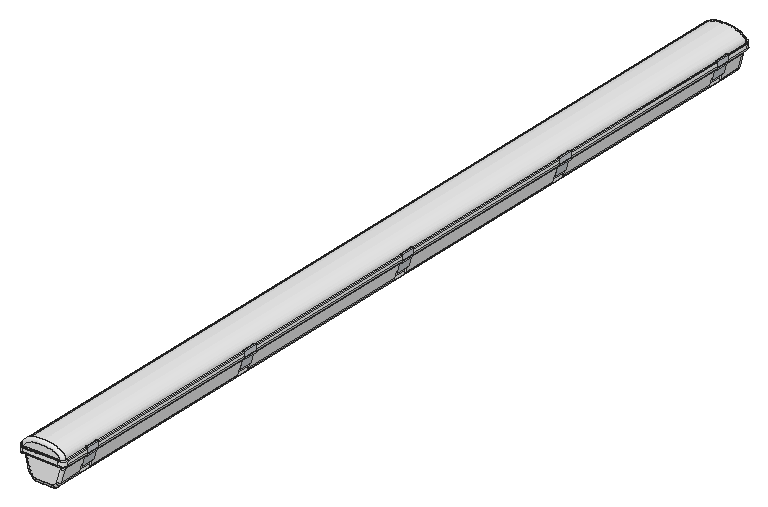
Revit family "0067955 Sylvania Lighting Fixture START Waterproof Single 1500 IP65 4000lm 840", category Lighting Fixtures, host Face, Revit 2016
Family settings
  Host = Face
  Part Type = Normal
  Round Connector Dimension = Use Diameter
  OmniClass Number = 23.80.70.11.14
  OmniClass Title = General Luminaries, Directional
  Cut with Voids When Loaded = No
  Light Source = Yes
  Shared = No
  Room Calculation Point = No
Parameters (values of type "0067955 ST WTRPRF S 1500 IP65 4000LM 840")
  Width = 84 mm
  Weight = "2.08 kg"
  Wattage Comments = "n/a"
  Wattage = 33 W
  WarrantyStartDate [instance] = "n/a"
  WarrantyGuarantorParts = "n/a"
  WarrantyDurationUnit = "n/a"
  WarrantyDurationParts = "n/a"
  WarrantyDescription = "n/a"
  built-in parameter 1150110 = 1 (stored number, unit not read)
  Voltage = 0 V
  URL = "http://www.sylvania-lighting.com"
  TypeName = "START Waterproof Single 1500 IP65 4000lm 840"
  Type Image = <None>
  Type Comments = "n/a"
  built-in parameter 1114217 = 1 (stored number, unit not read)
  Tilt Angle = -90.00°
  built-in parameter 1150109 = 1 (stored number, unit not read)
  built-in parameter 1150134 = 12
  built-in parameter 1150113 = 1 (stored number, unit not read)
  SerialNumber [instance] = "n/a"
  ReflectorMaterial = none
  PowerFactor = 0
  PowerConsumption = "33 W"
  Photometric Web File = "0067955.ies"
  NominalWidth = 0 mm
  NominalLength = 1578 mm
  NominalHeight = 75 mm
  Name = "START Waterproof Single 1500 IP65 4000lm 840"
  ModelReference = "START Waterproof Single 1500 IP65 4000lm 840"
  ModelNumber = "0067955"
  Model = "START Waterproof Single 1500 IP65 4000lm 840"
  Material = "polycarbonate housing, polycarbonate diffuser"
  ManufacturerName = "Feilo Sylvania"
  Manufacturer = "Feilo Sylvania"
  LuminousEfficacy = "119 lm/W"
  built-in parameter 1150105 = 312.5 (stored number, unit not read)
  Lumens = 3927 lm
  LuminaireType = ""
  built-in parameter 1150115 = 1 (stored number, unit not read)
  LightOutputRatio = "n/a"
  built-in parameter 1150137 = (empty or 0)
  built-in parameter 1150139 = (empty or 0)
  Length = 1572 mm
  LampsType = Lamp  # "LED"
  LampNominalLuminous = "3950 lm"
  LampMacAdamStep = "n/a"
  LampColourTemperature = "4000 K"
  LampColourRenderingIndex = "80"
  built-in parameter 1150112 = 1 (stored number, unit not read)
  built-in parameter 1150114 = 1 (stored number, unit not read)
  Lamp = "LED"
  Keynote = "16500"
  InstallationDate [instance] = "n/a"
  InputVoltage = "n/a"
  InputNominalFrequency = "n/a"
  built-in parameter 1150132 = (empty or 0)
  built-in parameter 1150102 = (empty or 0)
  built-in parameter 1150107 = 4000 (stored number, unit not read)
  built-in parameter 1150138 = (empty or 0)
  IngressProtection = "IP65"
  ImpactProtectionIndex = "IK08"
  built-in parameter 1150106 = 3.125 (stored number, unit not read)
  IfcExportType = "IfcLightFixtureType"
  IfcExportAs = "IfcLightFixtureType"
  ExpectedLife = 50000
  Emit from Rectangle Width = Width - 20 mm  # 64 mm
  Emit from Rectangle Length = Length - 20 mm  # 1552 mm
  Emit Shape Visible in Rendering = no
  ElectricShockClassification = "Class I"
  built-in parameter 1150104 = 11.055 (stored number, unit not read)
  DurationUnit = "hours"
  DocumentationLiterature = "http://www.sylvania-lighting.com/product/en-int/products/0067955"
  DimmingControlOptions = "n/a"
  Dimming Lamp Color Temperature Shift = <None>
  DiffuserMaterial = Diffuser-Sylvania-Transparent
  Description = "Start Waterproof, integrated LED weatherproof luminaire, with UV stabilized flat diffuser and linear prisms designed to achieve uniform lit appearance, optimise light output and to reduce glare, stainless steel diffuser clips and fixing brackets for surface mounting. Polycarbonate housing, Polycarbonate diffuser, 3950lm, 33W, 119lm/W, 4000K, drive current 1050mA, Non dimmable,  CRI80, IP65, IK08, Class I,  nominal average life (h):50000, 1578mm x 84mm x 75mm ,energy class: A++ A+ A"
  Default Elevation = 1219.2 mm
  CreatedOn = "11/27/2018"
  CreatedBy = "@sylvania-lighting.com"
  Cost = 0
  Color Filter = 16777215
  built-in parameter 1114216 [instance] = (empty or 0)
  ClassificationValue = "EF_70_80"
  ClassificationName = "Uniclass2015"
  BodyMaterial = Body-Sylvania-Gray
  BarCode [instance] = "n/a"
  built-in parameter 1114218 = 1 (stored number, unit not read)
  built-in parameter 1150133 = 10 (stored number, unit not read)
  AssetType = "Fixed"
  AssetIdentifier [instance] = "n/a"
  Assembly Code = "D5020200"
  Apparent Load = 33 VA
  AccessoryMaterial = Diffuser-Sylvania-Glow
Reference planes
  plane 1 "Center (Front/Back)": y = 0
  plane 2: z = 0
  plane 3 "Center (Left/Right)": x = 0
  plane 4: z = 54
  plane 5: x = -14.7
  plane 6: x = -21.8
  plane 7: x = -26.6
  plane 8: x = -29.2
  plane 9: z = 3
  plane 10: z = 7.8
  plane 11: z = 12.3
  plane 12: z = 36.6
  plane 13: z = 42.8
  plane 14: x = -38.1
  plane 15: z = 46.2
  plane 16: x = -42
  plane 17: y = 786
  plane 18: y = -786
  plane 19: x = 14.7
  plane 20: x = 21.8
  plane 21: x = 26.6
  plane 22: x = 29.2
  plane 23: x = 38.1
  plane 24: x = 42
  plane 25: y = 778.4
  plane 26: y = -778.4
  plane 27: y = -774.7
  plane 28: y = 774.7
  plane 29: z = 74
  plane 30: x = -38.5
  plane 31: x = 38.5
  plane 32: z = 55.2
  plane 33: y = -782.5
  plane 34: y = 782.5
  plane 35: x = -24.5
  plane 36: x = 24.5
  plane 37: x = -35.7
  plane 38: x = 35.7
  plane 39: z = 50.2
  plane 40: z = 24.6
  plane 41: y = -720
  plane 42: y = -734
  plane 43: y = -706
  plane 44: y = 720
  plane 45: y = -720
  plane 46: y = -734
  plane 47: y = -706
  plane 48: y = 720
  plane 49: y = 706
  plane 50: y = 734
  plane 51: y = -360
  plane 52: y = -374
  plane 53: y = -346
  plane 54: y = 0
  plane 55: y = -14
  plane 56: y = 14
  plane 57: y = 360
  plane 58: y = 346
  plane 59: y = 374
Forms (mm)
  Sweep 1, solid, material "Body-Sylvania-Gray" <- "BodyMaterial", detail levels medium+fine
    path origin (1223.4, -4572, 54) x (0, -1, 0) y (1, 0, 0)
      loop
        arc (-3796, -1265.4) -> (-3788.929, -1262.471) -> (-3786, -1255.4) r 10
        line (-3786, -1255.4) -> (-3786, -1191.4)
        arc (-3786, -1191.4) -> (-3788.929, -1184.329) -> (-3796, -1181.4) r 10
        line (-3796, -1181.4) -> (-5348, -1181.4)
        arc (-5348, -1181.4) -> (-5355.071, -1184.329) -> (-5358, -1191.4) r 10
        line (-5358, -1191.4) -> (-5358, -1255.4)
        arc (-5358, -1255.4) -> (-5355.071, -1262.471) -> (-5348, -1265.4) r 10
        line (-5348, -1265.4) -> (-3796, -1265.4)
    profile origin (-42, 0, 54) x (-1, 0, 0) y (0, 0, 1)
      loop
        line (0, 0) -> (-1, 0) -> (-1, -7.726)
        arc (-1, -7.726) -> (-1.994, -9.498) -> (-3.9, -10.2) r 2.937
        line (-3.9, -10.2) -> (-8.571, -10.2) -> (-8.571, -11.2) -> (-3.9, -11.2)
        arc (-3.9, -11.2) -> (-1.313, -10.231) -> (0, -7.8) r 3.937
        line (0, -7.8) -> (0, 0)
  Sweep 2, solid, material "Body-Sylvania-Gray" <- "BodyMaterial", detail levels medium+fine
    path origin (0, 0, 0) x (1, 0, 0) y (0, 0, 1)
      loop
        line (35.7, 42.8) -> (35.7, 36.6) -> (29.203, 12.31)
        arc (29.203, 12.31) -> (28.199, 9.884) -> (26.6, 7.8) r 10.052
        line (26.6, 7.8) -> (21.8, 3)
        arc (21.8, 3) -> (18.554, 0.781) -> (14.7, 0) r 9.902
        line (14.7, 0) -> (0, 0) -> (-14.7, 0)
        arc (-14.7, 0) -> (-18.554, 0.781) -> (-21.8, 3) r 9.902
        line (-21.8, 3) -> (-26.6, 7.8)
        arc (-26.6, 7.8) -> (-28.199, 9.884) -> (-29.203, 12.31) r 10.052
        line (-29.203, 12.31) -> (-35.7, 36.6) -> (-35.7, 42.8)
    profile origin (0, 0, 0) x (0, 0, -1) y (0, -1, 0)
      loop
        arc (0, 773.4) -> (-1.464, 776.936) -> (-5, 778.4) r 5
        line (-5, 778.4) -> (-7.8, 778.4) -> (-7.8, -778.4) -> (-5, -778.4)
        arc (-5, -778.4) -> (-1.464, -776.936) -> (0, -773.4) r 5
        line (0, -773.4) -> (0, 773.4)
  Extrusion 3, solid, material "Body-Sylvania-Gray" <- "BodyMaterial", detail levels medium+fine
    sketch origin (1524, 778.4, 1219.2) x (1, 0, 0) y (0, 0, 1)
      loop
        arc (-1545.668, -1204.874) -> (-1545.443, -1205.418) -> (-1545.085, -1205.885) r 2.252
        line (-1545.085, -1205.885) -> (-1540.231, -1210.738)
        arc (-1540.231, -1210.738) -> (-1539.534, -1211.227) -> (-1538.7, -1211.4) r 2.102
        line (-1538.7, -1211.4) -> (-1509.3, -1211.4)
        arc (-1509.3, -1211.4) -> (-1508.466, -1211.227) -> (-1507.769, -1210.738) r 2.102
        line (-1507.769, -1210.738) -> (-1502.915, -1205.885)
        arc (-1502.915, -1205.885) -> (-1502.557, -1205.418) -> (-1502.332, -1204.874) r 2.252
        line (-1502.332, -1204.874) -> (-1496.1, -1181.575) -> (-1496.1, -1176.4) -> (-1551.9, -1176.4) -> (-1551.9, -1181.575) -> (-1545.668, -1204.874)
    from 0 to 1556.8
  Sweep 4, solid, material "Diffuser-Sylvania-Transparent" <- "DiffuserMaterial", detail levels medium+fine
    path origin (0, 0, 0) x (1, 0, 0) y (0, 0, 1)
      loop
        spline (-38.5, 55.2) -> (-37.188, 60.066) -> (-33.342, 64.6) -> (-27.224, 68.494) -> (-19.25, 71.481) -> (-9.965, 73.359) -> (0, 74) -> (9.965, 73.359) -> (19.25, 71.481) -> (27.224, 68.494) -> (33.342, 64.6) -> (37.188, 60.066) -> (38.5, 55.2)
    profile origin (38.5, 0, 55.2) x (0, -1, 0) y (1, 0, 0)
      loop
        arc (782.5, -5.5) -> (780.889, -1.611) -> (777, 0) r 5.5
        line (777, 0) -> (-777, 0)
        arc (-777, 0) -> (-780.889, -1.611) -> (-782.5, -5.5) r 5.5
        line (-782.5, -5.5) -> (-782.5, -6.3) -> (-781.5, -6.3) -> (-781.5, -5.5)
        arc (-781.5, -5.5) -> (-780.182, -2.318) -> (-777, -1) r 4.5
        line (-777, -1) -> (777, -1)
        arc (777, -1) -> (780.182, -2.318) -> (781.5, -5.5) r 4.5
        line (781.5, -5.5) -> (781.5, -6.347) -> (782.5, -6.347) -> (782.5, -5.5)
  Extrusion 5, solid, material "Diffuser-Sylvania-Transparent" <- "DiffuserMaterial", detail levels medium+fine
    sketch origin (1524, -782.5, 1219.2) x (1, 0, 0) y (0, 0, 1)
      loop
        line (-1556.653, -1164) -> (-1491.347, -1164)
        spline (-1491.347, -1164) -> (-1491.939, -1161.945) -> (-1494.434, -1159.066) -> (-1499.342, -1155.96) -> (-1506.338, -1153.35) -> (-1514.799, -1151.648) -> (-1524, -1151.047) -> (-1533.201, -1151.648) -> (-1541.662, -1153.35) -> (-1548.658, -1155.96) -> (-1553.566, -1159.066) -> (-1556.061, -1161.945) -> (-1556.653, -1164)
    from 0 to -1
  Extrusion 6, solid, material "Diffuser-Sylvania-Transparent" <- "DiffuserMaterial", detail levels medium+fine
    sketch origin (1524, 782.5, 1219.2) x (1, 0, 0) y (0, 0, 1)
      loop
        spline (-1491.3, -1164) -> (-1491.898, -1161.922) -> (-1494.404, -1159.03) -> (-1499.322, -1155.918) -> (-1506.325, -1153.305) -> (-1514.793, -1151.602) -> (-1524, -1151) -> (-1533.207, -1151.602) -> (-1541.675, -1153.305) -> (-1548.678, -1155.918) -> (-1553.596, -1159.03) -> (-1556.102, -1161.922) -> (-1556.7, -1164)
        line (-1556.7, -1164) -> (-1491.3, -1164)
    from 0 to 1
  Extrusion 7, solid, material "Diffuser-Sylvania-Glow" <- "AccessoryMaterial", detail levels fine
    sketch origin (0, 0, 0) x (1, 0, 0) y (0, 0, 1)
      loop
        circle (0, 50.2) r 8
    from -774.7 to 774.7
  Extrusion 8, void
    sketch origin (0, -720, 2343.807) x (0, 0, -1) y (-1, 0, 0)
      loop
        line (2340.807, -24.5) -> (2331.507, -24.5) -> (2319.207, -29.2) -> (2319.207, -35.7) -> (2340.807, -35.7) -> (2340.807, -24.5)
      loop
        line (2340.807, 24.5) -> (2340.807, 35.7) -> (2319.207, 35.7) -> (2319.207, 29.2) -> (2331.507, 24.5) -> (2340.807, 24.5)
    from 14 to -14
  Extrusion 9, void, not visible
    sketch origin (0, -720, 2343.807) x (0, 0, -1) y (-1, 0, 0)
      loop
        line (2340.807, -24.5) -> (2331.507, -24.5) -> (2319.207, -29.2) -> (2319.207, -35.7) -> (2340.807, -35.7) -> (2340.807, -24.5)
      loop
        line (2340.807, 24.5) -> (2340.807, 35.7) -> (2319.207, 35.7) -> (2319.207, 29.2) -> (2331.507, 24.5) -> (2340.807, 24.5)
    from 14 to -14
  Extrusion 10, void
    sketch origin (0, 720, 2343.807) x (0, 0, -1) y (-1, 0, 0)
      loop
        line (2340.807, -24.5) -> (2331.507, -24.5) -> (2319.207, -29.2) -> (2319.207, -35.7) -> (2340.807, -35.7) -> (2340.807, -24.5)
      loop
        line (2340.807, 24.5) -> (2340.807, 35.7) -> (2319.207, 35.7) -> (2319.207, 29.2) -> (2331.507, 24.5) -> (2340.807, 24.5)
    from 14 to -14
  Extrusion 11, void
    sketch origin (0, -360, 2343.807) x (0, 0, -1) y (-1, 0, 0)
      loop
        line (2340.807, -24.5) -> (2331.507, -24.5) -> (2319.207, -29.2) -> (2319.207, -35.7) -> (2340.807, -35.7) -> (2340.807, -24.5)
      loop
        line (2340.807, 24.5) -> (2340.807, 35.7) -> (2319.207, 35.7) -> (2319.207, 29.2) -> (2331.507, 24.5) -> (2340.807, 24.5)
    from 14 to -14
  Extrusion 12, void
    sketch origin (0, 0, 2343.807) x (0, 0, -1) y (-1, 0, 0)
      loop
        line (2340.807, -24.5) -> (2331.507, -24.5) -> (2319.207, -29.2) -> (2319.207, -35.7) -> (2340.807, -35.7) -> (2340.807, -24.5)
      loop
        line (2340.807, 24.5) -> (2340.807, 35.7) -> (2319.207, 35.7) -> (2319.207, 29.2) -> (2331.507, 24.5) -> (2340.807, 24.5)
    from 14 to -14
  Extrusion 13, void
    sketch origin (0, 360, 2343.807) x (0, 0, -1) y (-1, 0, 0)
      loop
        line (2340.807, -24.5) -> (2331.507, -24.5) -> (2319.207, -29.2) -> (2319.207, -35.7) -> (2340.807, -35.7) -> (2340.807, -24.5)
      loop
        line (2340.807, 24.5) -> (2340.807, 35.7) -> (2319.207, 35.7) -> (2319.207, 29.2) -> (2331.507, 24.5) -> (2340.807, 24.5)
    from 14 to -14
  Extrusion 14, solid, material "Diffuser-Sylvania-Transparent" <- "DiffuserMaterial", detail levels medium+fine
    sketch origin (1223.4, -4572, 54) x (0, -1, 0) y (-1, 0, 0)
      loop
        arc (-5348, 1265.4) -> (-5355.071, 1262.471) -> (-5358, 1255.4) r 10
        line (-5358, 1255.4) -> (-5358, 1191.4)
        arc (-5358, 1191.4) -> (-5355.071, 1184.329) -> (-5348, 1181.4) r 10
        line (-5348, 1181.4) -> (-3796, 1181.4)
        arc (-3796, 1181.4) -> (-3788.929, 1184.329) -> (-3786, 1191.4) r 10
        line (-3786, 1191.4) -> (-3786, 1255.4)
        arc (-3786, 1255.4) -> (-3788.929, 1262.471) -> (-3796, 1265.4) r 10
        line (-3796, 1265.4) -> (-5348, 1265.4)
      loop
        arc (-5354.5, 1190.394) -> (-5352.887, 1186.509) -> (-5349, 1184.9) r 5.5
        line (-5349, 1184.9) -> (-3795, 1184.9)
        arc (-3795, 1184.9) -> (-3791.113, 1186.509) -> (-3789.5, 1190.394) r 5.5
        line (-3789.5, 1190.394) -> (-3789.5, 1256.406)
        arc (-3789.5, 1256.406) -> (-3791.113, 1260.291) -> (-3795, 1261.9) r 5.5
        line (-3795, 1261.9) -> (-5349, 1261.9)
        arc (-5349, 1261.9) -> (-5352.887, 1260.291) -> (-5354.5, 1256.406) r 5.5
        line (-5354.5, 1256.406) -> (-5354.5, 1190.394)
    from 0 to -1.2
  Extrusion 15, solid, material "Body-Sylvania-Gray" <- "BodyMaterial", detail levels coarse
    sketch origin (0, 0, 0) x (1, 0, 0) y (0, 0, 1)
      loop
        line (-42, 55.2) -> (-42, 42.8) -> (-26.6, 0) -> (26.6, 0) -> (42, 42.8) -> (42, 55.2) -> (-42, 55.2)
    from -786 to 786
  Extrusion 16, solid, material "Diffuser-Sylvania-Transparent" <- "DiffuserMaterial", detail levels coarse
    sketch origin (0, 0, 0) x (1, 0, 0) y (0, 0, 1)
      loop
        line (-38.5, 55.2) -> (38.5, 55.2)
        arc (38.5, 55.2) -> (0, 74) -> (-38.5, 55.2) r 48.822
    from -778.4 to 778.4
Cuts and joins
  Extrusion 8, Extrusion 10, Extrusion 11, Extrusion 12, Extrusion 13 cuts Sweep 2
  Extrusion 8, Extrusion 10, Extrusion 11, Extrusion 12, Extrusion 13 cuts Extrusion 3
  joined: Sweep 2, Extrusion 3
  joined: Sweep 4, Extrusion 5, Extrusion 6, Extrusion 14
Dimensions and locks
  locked: plane 4 to plane 2 at 54
  plane 5 to plane 6 to plane 7 to plane 8 to plane 14 to plane 16 = 7.1 mm locked, 4.8 mm locked, 2.6 mm locked, 8.9 mm locked, 3.9 mm locked
  plane 4 to plane 15 to plane 13 to plane 12 to plane 11 to plane 10 to plane 9 = 7.8 mm locked, 3.4 mm, 6.2 mm locked, 24.3 mm locked, 4.5 mm locked, 4.8 mm locked
  equal spacing: plane 18, plane 1 "Center (Front/Back)", plane 17
  "Length": plane 18 to plane 17
  plane 19 to plane 20 to plane 21 to plane 22 to plane 23 to plane 24 = 7.1 mm locked, 4.8 mm locked, 2.6 mm locked, 8.9 mm, 3.9 mm
  equal spacing: plane 24, plane 3 "Center (Left/Right)", plane 16
  "Width": plane 24 to plane 16
  equal spacing: plane 27, plane 1 "Center (Front/Back)", plane 28
  locked: plane 26 to plane 27 at 3.7
  locked: Sweep 1 sketch curve to profile plane at 1
  locked: Sweep 1 sketch curve to plane 13 at 1
  locked: Sweep 1 sketch curve to plane 13 at 3.937  (x2)
  locked: Sweep 1 sketch curve to profile plane at 3.9  (x2)
  plane 29 to plane 4 = 20 mm
  equal spacing: plane 31, plane 3 "Center (Left/Right)", plane 30
  locked: plane 30 to plane 16 at 3.5
  locked: plane 32 to plane 4 at 1.2
  equal spacing: plane 33, plane 1 "Center (Front/Back)", plane 34
  equal spacing: plane 36, plane 3 "Center (Left/Right)", plane 35
  locked: plane 34 to plane 17 at 3.5
  equal spacing: plane 38, plane 3 "Center (Left/Right)", plane 37
  locked: plane 37 to plane 16 at 6.3
  equal spacing: plane 25, plane 1 "Center (Front/Back)", plane 26
  locked: plane 17 to plane 25 at 7.6
  locked: Sweep 2 sketch curve to plane 2 at 5  (x2)
  locked: Sweep 2 sketch curve to plane 26 at 5
  locked: plane 25 to Sweep 2 sketch curve at 5
  locked: Sweep 4 sketch curve to plane 31 at 5.5  (x2)
  locked: Sweep 4 sketch curve to plane 34 at 5.5
  plane 33 to Sweep 4 sketch curve = 5.5 mm
  locked: plane 34 to Sweep 4 sketch curve at 1
  locked: Sweep 4 sketch curve to plane 31 at 1
  locked: Sweep 4 sketch curve to Sweep 4 sketch curve at 1
  locked: Sweep 4 sketch curve to plane 31 at 6.347
  locked: Sweep 4 sketch curve to plane 31 at 6.3
  locked: plane 40 to plane 2 at 24.6
  locked: plane 6 to plane 35 at 2.7
  locked: plane 1 "Center (Front/Back)" to plane 41 at 720
  plane 43 to plane 41 to plane 42 = 14 mm locked, 14 mm locked
  locked: plane 44 to plane 1 "Center (Front/Back)" at 720
  plane 47 to plane 45 to plane 46 = 14 mm locked, 14 mm locked
  plane 50 to plane 48 to plane 49 = 14 mm locked, 14 mm locked  (x2)
  equal spacing: group 1, group 6, group 7, group 8, group 5  (x3)
  plane 53 to plane 51 to plane 52 = 14 mm locked, 14 mm locked  (x2)
  plane 56 to plane 54 to plane 55 = 14 mm locked, 14 mm locked  (x2)
  plane 59 to plane 57 to plane 58 = 14 mm locked, 14 mm locked  (x2)
  plane 48 to plane 57 to plane 1 "Center (Front/Back)" to plane 51 to plane 41 = 360 mm locked, 360 mm locked, 360 mm locked, 360 mm locked
  aligned and locked: plane 2 to host face
  aligned and locked: level to host face
  aligned and locked: plane 16 to Sweep 1 sketch curve
  aligned and locked: Sweep 1 sketch curve to plane 24
  aligned and locked: plane 18 to Sweep 1 sketch curve
  aligned and locked: Sweep 1 sketch curve to plane 13
  aligned and locked: profile plane to Sweep 1 sketch curve
  aligned and locked: plane 3 "Center (Left/Right)" to Sweep 2 sketch curve
  aligned and locked: plane 9 to Sweep 2 sketch curve
  aligned and locked: plane 10 to Sweep 2 sketch curve
  aligned and locked: plane 37 to Sweep 2 sketch curve
  aligned and locked: plane 12 to Sweep 2 sketch curve
  aligned and locked: Sweep 2 sketch curve to level
  aligned and locked: plane 21 to Sweep 2 sketch curve
  aligned and locked: plane 38 to Sweep 2 sketch curve
  aligned and locked: profile plane to Sweep 2 sketch curve
  aligned and locked: plane 25 to Sweep 2 sketch curve
  aligned and locked: Sweep 2 sketch curve to plane 10
  aligned and locked: Extrusion 3 sketch curve to Sweep 2  (x7)
  aligned and locked: Sweep 2 to Extrusion 3 sketch curve
  aligned and locked: Extrusion 3 to plane 25
  aligned and locked: plane 26 to Extrusion 3
  aligned and locked: plane 32 to Sweep 4 sketch curve
  aligned and locked: plane 33 to Sweep 4 sketch curve
  aligned and locked: Sweep 4 to Extrusion 5
  aligned and locked: plane 33 to Extrusion 5
  aligned and locked: plane 39 to Extrusion 7 sketch curve
  aligned and locked: plane 27 to Extrusion 7
  aligned and locked: Extrusion 7 to plane 28
  aligned and locked: Extrusion 6 sketch curve to Sweep 4
  aligned and locked: Extrusion 5 sketch curve to Sweep 4
  aligned and locked: Extrusion 8 to plane 43
  aligned and locked: plane 42 to Extrusion 8
  aligned and locked: Extrusion 10 to plane 50
  aligned and locked: plane 49 to Extrusion 10
  aligned and locked: Extrusion 11 to plane 53
  aligned and locked: plane 52 to Extrusion 11
  aligned and locked: Extrusion 12 to plane 56
  aligned and locked: plane 55 to Extrusion 12
  aligned and locked: Extrusion 13 to plane 59
  aligned and locked: plane 58 to Extrusion 13
  aligned and locked: plane 3 "Center (Left/Right)" to Extrusion 7 sketch curve
  aligned and locked: Extrusion 14 sketch curve to Sweep 1  (x4)
  aligned and locked: Extrusion 14 to plane 32
  aligned and locked: plane 4 to Extrusion 14
  aligned and locked: plane 48 to nested 1
  aligned and locked: plane 57 to nested 2
  aligned and locked: plane 54 to nested 3
  aligned and locked: nested 4 to plane 51
  aligned and locked: nested 5 to plane 41
  aligned and locked: plane 41 to nested 10
  aligned and locked: plane 51 to nested 9
  aligned and locked: plane 54 to nested 8
  aligned and locked: plane 57 to nested 7
  aligned and locked: plane 48 to nested 6
  aligned and locked: plane 1 "Center (Front/Back)" to imposter light
  aligned and locked: plane 3 "Center (Left/Right)" to imposter light
  aligned and locked: imposter light to plane 29
  aligned and locked: plane 7 to Extrusion 15 sketch curve
  aligned and locked: plane 2 to Extrusion 15 sketch curve
  aligned and locked: Extrusion 15 sketch curve to nested 6
  aligned and locked: Extrusion 15 sketch curve to nested 1
  aligned and locked: plane 18 to Extrusion 15
  aligned and locked: Extrusion 15 to plane 17
  aligned and locked: Extrusion 15 to Sweep 1  (x2)
  aligned and locked: plane 30 to Extrusion 16 sketch curve
  aligned and locked: plane 31 to Extrusion 16 sketch curve
  aligned and locked: Extrusion 16 sketch curve to cut or joined group of Sweep 4, Extrusion 5, Extrusion 6, Extrusion 14
  aligned and locked: Extrusion 16 to plane 25
  aligned and locked: plane 26 to Extrusion 16
Automatic sketch dimensions
  host sketch curve to host sketch curve = 2438.4 mm  (x2)
  plane 17 to Sweep 1 sketch curve = 0 mm
  Sweep 1 sketch curve to plane 28 = 1.3 mm
  Sweep 1 sketch curve to plane 7 = 5.4 mm
  plane 27 to Sweep 1 sketch curve = 1.3 mm  (x2)
  Sweep 1 sketch curve to Sweep 1 sketch curve = 4.671 mm
  Sweep 1 sketch curve to plane 4 = 0 mm
  Sweep 2 sketch curve to plane 7 = 0 mm
  Sweep 2 sketch curve to plane 6 = 0 mm
  Sweep 2 sketch curve to plane 5 = 0 mm
  plane 19 to Sweep 2 sketch curve = 0 mm
  Sweep 2 sketch curve to plane 9 = 0 mm
  plane 20 to Sweep 2 sketch curve = 0 mm
  Sweep 2 sketch curve to plane 12 = 0 mm
  Sweep 2 sketch curve to plane 10 = 0 mm
  Sweep 2 sketch curve to plane 13 = 0 mm  (x2)
  Sweep 2 sketch curve to plane 8 = 0.003 mm
  plane 6 to Sweep 2 sketch curve = 2.308 mm
  plane 20 to Sweep 2 sketch curve = 2.308 mm
  Sweep 2 sketch curve to plane 22 = 0.003 mm
  Sweep 2 sketch curve to plane 11 = 0.01 mm  (x2)
  Extrusion 3 sketch curve to plane 5 = 0 mm
  plane 19 to Extrusion 3 sketch curve = 0 mm
  plane 6 to Extrusion 3 sketch curve = 0.132 mm
  plane 6 to Extrusion 3 sketch curve = 0.715 mm
  Extrusion 3 sketch curve to Extrusion 3 sketch curve = 1.592 mm
  Extrusion 3 sketch curve to plane 10 = 0.662 mm  (x2)
  plane 20 to Extrusion 3 sketch curve = 2.308 mm
  plane 20 to Extrusion 3 sketch curve = 0.715 mm
  plane 20 to Extrusion 3 sketch curve = 0.132 mm
  Sweep 4 sketch curve to plane 30 = 0 mm
  Sweep 4 sketch curve to plane 3 "Center (Left/Right)" = 0 mm
  Sweep 4 sketch curve to Sweep 4 sketch curve = 0 mm  (x2)
  plane 37 to Extrusion 6 sketch curve = 3 mm
  Extrusion 6 sketch curve to plane 38 = 3 mm
  plane 37 to Extrusion 5 sketch curve = 3.047 mm
  Extrusion 5 sketch curve to plane 38 = 3.047 mm
  Extrusion 8 sketch curve to Extrusion 8 sketch curve = 0 mm
  Extrusion 8 sketch curve to Extrusion 8 sketch curve = 12.3 mm  (x2)
  Extrusion 8 sketch curve to Extrusion 8 sketch curve = 9.3 mm  (x2)
  Extrusion 8 sketch curve to Extrusion 8 sketch curve = 6.5 mm  (x2)
  Extrusion 8 sketch curve to Extrusion 8 sketch curve = 4.7 mm  (x2)
  Extrusion 8 sketch curve to Extrusion 8 sketch curve = 49 mm
  Extrusion 9 sketch curve to Extrusion 9 sketch curve = 0 mm
  Extrusion 9 sketch curve to Extrusion 9 sketch curve = 12.3 mm  (x2)
  Extrusion 9 sketch curve to Extrusion 9 sketch curve = 9.3 mm  (x2)
  Extrusion 9 sketch curve to Extrusion 9 sketch curve = 6.5 mm  (x2)
  Extrusion 9 sketch curve to Extrusion 9 sketch curve = 4.7 mm  (x2)
  Extrusion 9 sketch curve to Extrusion 9 sketch curve = 49 mm
  Extrusion 10 sketch curve to Extrusion 10 sketch curve = 0 mm
  Extrusion 10 sketch curve to Extrusion 10 sketch curve = 12.3 mm  (x2)
  Extrusion 10 sketch curve to Extrusion 10 sketch curve = 9.3 mm  (x2)
  Extrusion 10 sketch curve to Extrusion 10 sketch curve = 6.5 mm  (x2)
  Extrusion 10 sketch curve to Extrusion 10 sketch curve = 4.7 mm  (x2)
  Extrusion 10 sketch curve to Extrusion 10 sketch curve = 49 mm
  Extrusion 11 sketch curve to Extrusion 11 sketch curve = 0 mm
  Extrusion 11 sketch curve to Extrusion 11 sketch curve = 12.3 mm  (x2)
  Extrusion 11 sketch curve to Extrusion 11 sketch curve = 9.3 mm  (x2)
  Extrusion 11 sketch curve to Extrusion 11 sketch curve = 6.5 mm  (x2)
  Extrusion 11 sketch curve to Extrusion 11 sketch curve = 4.7 mm  (x2)
  Extrusion 11 sketch curve to Extrusion 11 sketch curve = 49 mm
  Extrusion 12 sketch curve to Extrusion 12 sketch curve = 0 mm
  Extrusion 12 sketch curve to Extrusion 12 sketch curve = 12.3 mm  (x2)
  Extrusion 12 sketch curve to Extrusion 12 sketch curve = 9.3 mm  (x2)
  Extrusion 12 sketch curve to Extrusion 12 sketch curve = 6.5 mm  (x2)
  Extrusion 12 sketch curve to Extrusion 12 sketch curve = 4.7 mm  (x2)
  Extrusion 12 sketch curve to Extrusion 12 sketch curve = 49 mm
  Extrusion 13 sketch curve to Extrusion 13 sketch curve = 0 mm
  Extrusion 13 sketch curve to Extrusion 13 sketch curve = 12.3 mm  (x2)
  Extrusion 13 sketch curve to Extrusion 13 sketch curve = 9.3 mm  (x2)
  Extrusion 13 sketch curve to Extrusion 13 sketch curve = 6.5 mm  (x2)
  Extrusion 13 sketch curve to Extrusion 13 sketch curve = 4.7 mm  (x2)
  Extrusion 13 sketch curve to Extrusion 13 sketch curve = 49 mm
  Extrusion 14 sketch curve to plane 34 = 0 mm
  plane 30 to Extrusion 14 sketch curve = 0 mm
  Extrusion 14 sketch curve to plane 31 = 0 mm
  plane 33 to Extrusion 14 sketch curve = 0 mm
  plane 25 to Extrusion 14 sketch curve = 1.4 mm  (x4)
  Extrusion 14 sketch curve to plane 26 = 1.4 mm  (x4)
  plane 37 to Extrusion 14 sketch curve = 2.694 mm  (x2)
  Extrusion 14 sketch curve to plane 38 = 2.694 mm  (x2)
  plane 21 to Extrusion 15 sketch curve = 0 mm
  Extrusion 15 sketch curve to plane 13 = 0 mm  (x2)
  Extrusion 15 sketch curve to plane 32 = 0 mm
  Extrusion 16 sketch curve to plane 40 = 0.578 mm
  radius of Extrusion 7 sketch curve = 8 mm
Nested families
  nested 1: "Clip" at (-29.2, 720, 24.6) x (-1, 0, 0) z (0, 0, 1), type "Clip", detail levels fine
  nested 2: "Clip" at (-29.2, 360, 24.6) x (-1, 0, 0) z (0, 0, 1), type "Clip", detail levels fine
  nested 3: "Clip" at (-29.2, 0, 24.6) x (-1, 0, 0) z (0, 0, 1), type "Clip", detail levels fine
  nested 4: "Clip" at (-29.2, -360, 24.6) x (-1, 0, 0) z (0, 0, 1), type "Clip", detail levels fine
  nested 5: "Clip" at (-29.2, -720, 24.6) x (-1, 0, 0) z (0, 0, 1), type "Clip", detail levels fine
  nested 6: "Clip" at (29.2, 720, 24.6), type "Clip", detail levels fine
  nested 7: "Clip" at (29.2, 360, 24.6), type "Clip", detail levels fine
  nested 8: "Clip" at (29.2, 0, 24.6), type "Clip", detail levels fine
  nested 9: "Clip" at (29.2, -360, 24.6), type "Clip", detail levels fine
  nested 10: "Clip" at (29.2, -720, 24.6), type "Clip", detail levels fine
Connectors
  electrical at (0, 0, 0), driven by "Apparent Load"
    settings: index 1, voltage 230 V, apparent load 33 VA, apparent load phase1 0 VA, apparent load phase2 0 VA, apparent load phase3 0 VA, power factor 0, load classification "Lighting", number of poles 1, system type 30, power factor state 1, is connector primary yes, connector utility no, sub classification motor no, connector description ""
Definition of nested family "Clip"
  Parameters (values of type "Clip")
    URL = "http://www.feilosylvania.com"
    Type Comments = "n/a"
    Model = "n/a"
    Manufacturer = "Feilo Sylvania"
    Keynote = "n/a"
    Description = "n/a"
    Default Elevation = 1219.2 mm
    Cost = 0
    BodyMaterial = none
    Assembly Code = "n/a"
  Reference planes
    plane 1 "Center (Front/Back)": y = 0
    plane 2: z = 0
    plane 3 "Center (Left/Right)": x = 0
    plane 4: x = 3.3
    plane 5: x = 6.5
    plane 6: x = 8.9
    plane 7: x = 12.8
    plane 8: z = 12
    plane 9: z = 18.2
    plane 10: z = 21.6
    plane 11: z = 30.6
    plane 12: x = 9.3
    plane 13: z = 19.2
    plane 14: z = 16.2
    plane 15: x = 10.1
    plane 16: y = 12
    plane 17: y = -12
  Forms (mm)
    Extrusion 1, solid
      sketch origin (-0.8, 0, 0) x (1, 0, 0) y (0, 1, 0)
        loop
          line (-1219.2, 1219.2) -> (-1219.2, -1219.2) -> (1219.2, -1219.2) -> (1219.2, 1219.2) -> (-1219.2, 1219.2)
      from 0 to -304.8
    Extrusion 2, solid
      sketch origin (0, 0, 0) x (1, 0, 0) y (0, 0, 1)
        loop
          line (8.9, 16.2) -> (4.58, 0) -> (0, 0) -> (0, -0.8) -> (5.195, -0.8) -> (9.603, 15.731) -> (13.6, 18.806) -> (13.6, 30.6)
          arc (13.6, 30.6) -> (11.45, 32.75) -> (9.3, 30.6) r 2.15
          line (9.3, 30.6) -> (10.1, 30.6)
          arc (10.1, 30.6) -> (11.45, 31.95) -> (12.8, 30.6) r 1.35
          line (12.8, 30.6) -> (12.8, 19.2) -> (8.9, 16.2)
      from -12 to 12
  Lines and regions (mm)
    reference lines
      curve 1: line (3.3, 0, 0) -> (6.5, 0, 12)
      curve 2: arc (8.9, 0, 18.2) -> (11.488, 0, 19.169) -> (12.8, 0, 21.6) r 3.934
  Dimensions and locks
    plane 7 to plane 6 to plane 5 to plane 4 to plane 3 "Center (Left/Right)" = 3.9 mm locked, 2.4 mm locked, 3.2 mm locked, 3.3 mm locked
    plane 11 to plane 10 to plane 9 to plane 8 to plane 2 = 9 mm locked, 3.4 mm locked, 6.2 mm locked, 12 mm locked
    locked: plane 7 to plane 12 at 3.5
    locked: plane 13 to plane 9 at 1
    locked: plane 9 to plane 14 at 2
    locked: plane 15 to plane 12 at 0.8
    locked: plane 2 to Extrusion 2 sketch curve at 0.8
    locked: Extrusion 2 sketch curve to Extrusion 2 sketch curve at 0.8  (x3)
    locked: plane 7 to Extrusion 2 sketch curve at 1.35
    equal spacing: plane 17, plane 1 "Center (Front/Back)", plane 16
    locked: plane 1 "Center (Front/Back)" to plane 16 at 12
    aligned and locked: plane 2 to Extrusion 1
    aligned and locked: level to Extrusion 1
    aligned and locked: plane 4 to curve 1
    aligned and locked: plane 5 to curve 1
    aligned and locked: plane 6 to curve 2
    aligned and locked: plane 10 to curve 2
    aligned and locked: plane 14 to Extrusion 2 sketch curve
    aligned and locked: plane 13 to Extrusion 2 sketch curve
    aligned and locked: plane 7 to Extrusion 2 sketch curve
    aligned and locked: plane 3 "Center (Left/Right)" to Extrusion 2 sketch curve
    aligned and locked: Extrusion 2 sketch curve to level
    aligned and locked: Extrusion 2 sketch curve to plane 11
    aligned and locked: plane 11 to Extrusion 2 sketch curve
    aligned and locked: Extrusion 2 to plane 16
    aligned and locked: plane 17 to Extrusion 2
  Automatic sketch dimensions
    Extrusion 1 sketch curve to Extrusion 1 sketch curve = 2438.4 mm  (x2)
    curve 2 to plane 7 = 0 mm
    curve 1 to level = 0 mm
    curve 1 to plane 8 = 0 mm
    curve 2 to plane 9 = 0 mm
    plane 6 to curve 2 = 0.002 mm
    Extrusion 2 sketch curve to Extrusion 2 sketch curve = 0 mm
    Extrusion 2 sketch curve to plane 6 = 0 mm
    plane 4 to Extrusion 2 sketch curve = 1.28 mm
